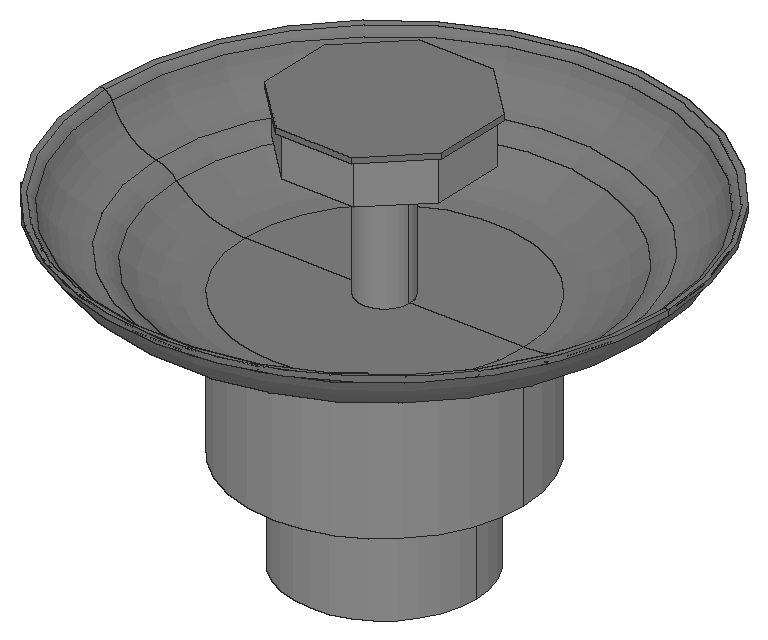
Revit family "Washfountain-Willoughby-WAF-5408-FLR-JR", category Plumbing Fixtures, Revit 2015
Parameters (values of type "Standard")
  Waste DIA = 2"
  Waste Connection = yes
  Vent Connection = no
  URL = "https://www.willoughby-ind.com/wp-content/uploads/2018/01/WAF-5408.pdf"
  Solid Surface Sink = Solid Surface Acrylic Resin-Willoughby
  Revision = "A"
  Model = "WAF-5408-FLR-JR"
  Manufacturer = "Willoughby Industries"
  HW Connection = no
  Fixture Body = Stainless Steel AISI 304-Willoughby
  Description = "8 station Washfountain, Floor Mounted, Junior Height"
  Default Elevation = 0' - 0"
  Contact = "(800) 428-4065"
  CW Connection = no
Reference planes (in)
  plane 1 "Center (Front/Back)": y = 0
  plane 2: z = 0
  plane 3 "Center (Left/Right)": x = 0
  plane 4: through (-5.65685, 5.65685, 48) normal (-0.7071, 0.7071, 0)
  plane 5: through (-5.65685, -5.65685, 48) normal (-0.7071, -0.7071, 0)
  plane 6: through (5.65685, 5.65685, 48) normal (-0.7071, -0.7071, 0)
  plane 7: z = 3
Forms (in)
  Extrusion 1, solid, material "Stainless Steel AISI 304-Willoughby" <- "Fixture Body"
    sketch origin (0, 0, 3) x (1, 0, 0) y (0, 1, 0)
      loop
        circle (0, 0) r 8.75
    from 0 to 9.5
  Extrusion 2, solid, material "Stainless Steel AISI 304-Willoughby" <- "Fixture Body"
    sketch origin (0, 0, 0) x (1, 0, 0) y (0, 1, 0)
      loop
        circle (0, 0) r 13.25
    from 12.5 to 25.5
  Revolve 3, solid, material "Solid Surface Acrylic Resin-Willoughby"
    sketch origin (0, 0, 0) x (1, 0, 0) y (0, 0, 1)
      loop
        line (-27, 34) -> (-27, 33.5)
        arc (-27, 33.5) -> (-26.59255, 33.38135) -> (-26.3125, 33.0625) r 0.75893
        arc (-26.3125, 33.0625) -> (-24.55666, 30.50638) -> (-21.75, 29.1875) r 5.92434
        arc (-21.75, 29.1875) -> (-20.85491, 28.8619) -> (-20.125, 28.25) r 2.7446
        arc (-20.125, 28.25) -> (-16.94474, 26.23191) -> (-13.25, 25.5) r 10.2412
        line (-13.25, 25.5) -> (0, 25.5) -> (0, 26) -> (-13.27825, 26)
        arc (-13.27825, 26) -> (-16.75659, 26.66651) -> (-19.74217, 28.57162) r 9.40952
        arc (-19.74217, 28.57162) -> (-20.60505, 29.295) -> (-21.6632, 29.67991) r 3.2446
        arc (-21.6632, 29.67991) -> (-24.24112, 30.8944) -> (-25.84767, 33.24806) r 5.42434
        arc (-25.84767, 33.24806) -> (-26.1125, 33.63396) -> (-26.5, 33.89645) r 1.25893
        arc (-26.5, 33.89645) -> (-26.7447, 33.97384) -> (-27, 34) r 1.25893
      axis (0, 34) -> (0, 25.5)
    angle from 0 to 360
  Revolve 4, solid, material "Stainless Steel AISI 304-Willoughby" <- "Fixture Body"
    sketch origin (0, -0.05184, 0) x (1, 0, 0) y (0, 0, 1)
      loop
        line (0, 25.5) -> (2.40625, 25.5) -> (2.40625, 38) -> (0, 38) -> (0, 25.5)
      axis (0, 38) -> (0, 25.5)
    angle from 0 to 360
  Extrusion 5, solid, material "Stainless Steel AISI 304-Willoughby" <- "Fixture Body"
    sketch origin (0, 0, 42) x (1, 0, 0) y (0, 1, 0)
      loop
        line (-8, -3.31371) -> (-3.31371, -8) -> (3.54708, -8) -> (8, -3.54708) -> (8, 3.31371) -> (3.31371, 8) -> (-3.31371, 8) -> (-8, 3.31371) -> (-8, -3.31371)
    from 0 to -4
  Extrusion 6, solid, material "Solid Surface Acrylic Resin-Willoughby" <- "Solid Surface Sink"
    sketch origin (0, 0, 42) x (1, 0, 0) y (0, 1, 0)
      loop
        line (-8.5, 3.52082) -> (-8.5, -3.52082) -> (-3.52082, -8.5) -> (3.75418, -8.5) -> (8.5, -3.75418) -> (8.5, 3.52082) -> (3.52082, 8.5) -> (-3.52082, 8.5) -> (-8.5, 3.52082)
    from 0 to 0.5
  Revolve 7, solid
    sketch origin (0, 0, 3) x (1, 0, 0) y (0, 0, 1)
      loop
        line (-4, 3) -> (-4, 6) -> (-5, 6) -> (-5, 3) -> (-4, 3)
      axis (-4, 6) -> (-4, 3)
    angle from 0 to 360
Lines and regions (in)
  symbolic lines
    curve 1: line (0, 13.36536, 25.59533) -> (0, -14.54375, 25.59533)
    curve 2: arc (0, 13.36536, 25.59533) -> (0, 17.06766, 26.30832) -> (0, 20.24036, 28.34533) r 9.96875
    curve 3: arc (0, 20.24036, 28.34533) -> (0, 21.14452, 29.04883) -> (0, 22.24512, 29.36681) r 3.03325
    curve 4: arc (0, 22.24512, 29.36681) -> (0, 24.81503, 30.73433) -> (0, 26.42786, 33.15783) r 5.94635
    curve 5: arc (0, 26.42786, 33.15783) -> (0, 26.70804, 33.47646) -> (0, 27.11536, 33.59533) r 0.76031
    curve 6: line (0, 27.11536, 33.59533) -> (0, 27.11536, 34)
    curve 7: line (0, 27.11536, 34) -> (0, -27, 34)
    curve 8: line (0, -27, 34) -> (0, -27, 33.5)
    curve 9: arc (0, -27, 33.5) -> (0, -26.5901, 33.3852) -> (0, -26.3125, 33.0625) r 0.73529
    curve 10: arc (0, -26.3125, 33.0625) -> (0, -24.52807, 30.48428) -> (0, -21.67915, 29.17466) r 5.9367
    curve 11: arc (0, -21.67915, 29.17466) -> (0, -20.82465, 28.84247) -> (0, -20.125, 28.25) r 2.77537
    curve 12: arc (0, -20.125, 28.25) -> (0, -17.53971, 26.49097) -> (0, -14.54375, 25.59533) r 10.22709
    curve 13: circle (0, 0, 0) r 27 normal (0, 0, 1)
    curve 17: line (-2.40625, -0.0172, 38) -> (-2.40625, -0.0172, 34)
    curve 18: line (-8, 0.03464, 38.01202) -> (8, 0.03464, 38.01202)
    curve 19: line (8, 0.15287, 42.01031) -> (-8, 0.15287, 42.01031)
    curve 29: line (0, -8, 42) -> (0, -8, 38)
    curve 30: line (0, -8, 38) -> (0, 8, 38)
    curve 31: line (0, 8, 38) -> (0, 8, 42)
    curve 32: line (0, 8, 42) -> (0, -8, 42)
    curve 34: line (0, 2.36201, 38) -> (0, 2.36201, 34)
    curve 35: line (0, -2.45682, 38) -> (0, -2.45682, 34)
    curve 36: line (0, 27.11536, 33.59533) -> (0, 27.11536, 34)
    curve 37: line (0, 27.11536, 34) -> (0, -27, 34)
    curve 38: line (0, -27, 34) -> (0, -27, 33.5)
    curve 39: arc (0, -27, 33.5) -> (0, -26.5901, 33.3852) -> (0, -26.3125, 33.0625) r 0.73529
    curve 40: arc (0, -26.3125, 33.0625) -> (0, -24.52807, 30.48428) -> (0, -21.67915, 29.17466) r 5.9367
    curve 41: arc (0, -21.67915, 29.17466) -> (0, -20.81482, 28.85899) -> (0, -20.125, 28.25) r 2.48085
    curve 42: arc (0, -20.125, 28.25) -> (0, -17.53971, 26.49097) -> (0, -14.54375, 25.59533) r 10.22709
    curve 43: arc (0, -14.54375, 25.59533) -> (0, -13.89839, 25.52713) -> (0, -13.25, 25.5) r 10.22709
    curve 44: arc (0, -13.25, 25.5) -> (0, 0, 25.43319) -> (0, 13.25, 25.5) r 1313.9922
    curve 45: arc (0, 13.25, 25.5) -> (0, 16.94512, 26.23096) -> (0, 20.125, 28.25) r 10.22709
    curve 46: arc (0, 20.125, 28.25) -> (0, 21.0752, 29.01697) -> (0, 22.24512, 29.36681) r 3.1627
    curve 47: arc (0, 22.24512, 29.36681) -> (0, 24.81503, 30.73433) -> (0, 26.42786, 33.15783) r 5.94635
    curve 48: arc (0, 26.42786, 33.15783) -> (0, 26.69617, 33.49512) -> (0, 27.11536, 33.59533) r 0.66101
    curve 49: line (0, 27.11536, 33.59533) -> (0, 27.11536, 34)
    curve 50: line (0, 13.25, 25.5) -> (0, 13.25, 9.5)
    curve 51: line (0, 13.25, 9.5) -> (0, -13.25, 9.5)
    curve 52: line (0, -13.25, 9.5) -> (0, -13.25, 25.5)
    curve 53: line (0, -8.75, 0) -> (0, -8.75, 9.5)
    curve 54: line (0, 8.75, 0) -> (0, -8.75, 0)
    curve 55: line (0, 8.75, 0) -> (0, 8.75, 9.5)
    curve 61: line (8.5, 0, 42.01031) -> (8.5, 0, 42.5)
    curve 62: line (8.5, 0, 42.5) -> (-8.5, 0, 42.5)
    curve 63: line (-8.5, 0, 42.5) -> (-8.5, 0, 42.01031)
    curve 64: line (-8.5, 0, 42.01031) -> (-8, 0, 42.01031)
    curve 65: line (-8, 0, 42.01031) -> (-8, 0, 38)
    curve 66: line (-8, 0, 38) -> (8, 0, 38)
    curve 67: line (8, 0, 38) -> (8, 0, 42.01031)
    curve 68: line (-2.40625, 0, 38) -> (-2.40625, 0, 34)
    curve 69: line (2.40625, 0, 38) -> (2.40625, 0, 34)
    curve 70: line (27, 0, 33.5) -> (27, 0, 34)
    curve 71: line (27, 0, 34) -> (-27, 0, 34)
    curve 72: line (-27, 0, 34) -> (-27, 0, 33.5)
    curve 73: arc (-27, 0, 33.5) -> (-26.59375, 0, 33.37947) -> (-26.3125, 0, 33.0625) r 0.77123
    curve 74: arc (-26.3125, 0, 33.0625) -> (-24.52802, 0, 30.48002) -> (-21.6749, 0, 29.17109) r 5.92691
    curve 75: arc (-21.6749, 0, 29.17109) -> (-20.81279, 0, 28.85722) -> (-20.125, 0, 28.25) r 2.46686
    curve 76: arc (-20.125, 0, 28.25) -> (-16.94618, 0, 26.22831) -> (-13.25, 0, 25.5) r 10.18813
    curve 77: line (-13.25, 0, 25.5) -> (13.25, 0, 25.5)
    curve 78: arc (13.25, 0, 25.5) -> (16.9523, 0, 26.213) -> (20.125, 0, 28.25) r 9.96875
    curve 79: arc (20.125, 0, 28.25) -> (21.00538, 0, 28.94208) -> (22.08276, 0, 29.24753) r 2.89005
    curve 80: arc (22.08276, 0, 29.24753) -> (24.68572, 0, 30.61385) -> (26.3125, 0, 33.0625) r 5.92943
    curve 81: arc (26.3125, 0, 33.0625) -> (26.59291, 0, 33.38078) -> (27, 0, 33.5) r 0.76258
    curve 85: line (13.25, 0, 25.5) -> (13.25, 0, 9.5)
    curve 86: line (13.25, 0, 9.5) -> (-13.25, 0, 9.5)
    curve 87: line (-13.25, 0, 9.5) -> (-13.25, 0, 25.5)
    curve 88: line (-8.75, 0, 9.5) -> (-8.75, 0, 0)
    curve 89: line (-8.75, 0, 0) -> (8.75, 0, 0)
    curve 90: line (8.75, 0, 0) -> (8.75, 0, 9.5)
  symbolic lines, detail levels medium+fine
    curve 14: circle (0, 0, 0) r 13.75 normal (0, 0, 1)
    curve 20: line (-8, 0.15287, 42.01031) -> (-8.5, 0.15287, 42.01031)
    curve 21: line (-8.5, 0.15287, 42.01031) -> (-8.5, 0.15287, 42.51031)
    curve 22: line (-8.5, 0.15287, 42.51031) -> (8.5, 0.15287, 42.51031)
    curve 23: line (8.5, 0.15287, 42.51031) -> (8.5, 0.15287, 42.01031)
    curve 24: line (-3.52082, 0.15287, 42.51031) -> (-3.52082, 0.15287, 42.01031)
    curve 25: line (3.52082, 0.15287, 42.51031) -> (3.52082, 0.15287, 42.01031)
    curve 26: line (0, 8.5, 42) -> (0, 8.5, 42.5)
    curve 27: line (0, 8.5, 42.5) -> (0, -8.5, 42.5)
    curve 28: line (0, -8.5, 42.5) -> (0, -8.5, 42)
    curve 33: line (0, 8, 42) -> (0, 8.5, 42)
    curve 56: line (0, -8.5, 42) -> (0, -8, 42)
    curve 60: line (8, 0, 42.01031) -> (8.5, 0, 42.01031)
  symbolic lines, detail levels fine
    curve 15: circle (0, 0, 0) r 25.84767 normal (0, 0, 1)
    curve 16: circle (0, 0, 0) r 19.74217 normal (0, 0, 1)
    curve 57: line (0, 26.69617, 33.49512) -> (0, -27.05383, 33.49512)
    curve 58: line (0, -26.3125, 33.0625) -> (0, 26.4375, 33.0625)
    curve 59: line (0, 20.125, 28.25) -> (0, -20.125, 28.25)
    curve 82: line (26.8573, 0, 33.48609) -> (-26.8927, 0, 33.48609)
    curve 83: line (-26.3125, 0, 33.0625) -> (26.3125, 0, 33.0625)
    curve 84: line (20.125, 0, 28.25) -> (-20.125, 0, 28.25)
Dimensions and locks (in)
  aligned and locked: Revolve 4 sketch curve to Revolve 4 sketch curve  (x2)
  aligned and locked: Revolve 7 sketch curve to Revolve 7 sketch curve  (x2)
Connectors (in)
  piping at (-4, 0, 6), diameter 2, driven by "Waste DIA", driven by "Waste Connection"
    settings: on Revolve 7, index 1, connector inside diameter 24", connector length 0' - 0", flow factor 0, pipe flow 0 GPM, pressure drop 0.00 psi, fitting loss kfactor 0, connector angle 0.00°, fixture units 0, engagement length 0' - 0", angle of deflection 0.00°, flow configuration 0, flow direction 2, fitting loss method 0, system type 16, joint type 0, gender type 0, connector reference index -1, connector utility 1, adjustable connector no, is connector primary yes, connector description "Sink Waste"
